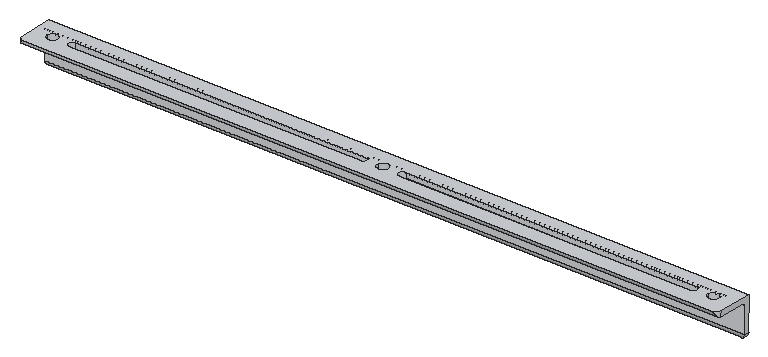
Revit family "RRSTD304", category Generic Models, Revit 2018
Family settings
  Can host rebar = No
  Round Connector Dimension = Use Diameter
  Part Type = Normal
  Work Plane-Based = Yes
  Always vertical = No
  Cut with Voids When Loaded = No
  Shared = Yes
  Room Calculation Point = No
Parameters (values of type "RRSTD30436")
  Ship Complete Level [instance] = ""
  Right Slot Offset = 19.000"
  Right Slot Length = 15.000"
  Required Date [instance] = ""
  Rack Width = 2.000"
  Rack Height = 2.000"
  Patent Information = "D608,183"
  Left Slot Length = 15.000"
  Rack Material = none
  Rack Length = 36.000"
  Job [instance] = ""
  Group/Run [instance] = ""
  Description = "Standard Angle Rack 304 36 Inch long"
  Custom [instance] = ""
  Ctrl Right Offset [instance] = if([1 Slot], 4.000", Right Slot Offset)  # 19.000"
  Default Elevation = 48.000"
  Ctrl Right Slot Length [instance] = if([1 Slot], 1.000", Right Slot Length)  # 15.000"
  Ctrl Left Slot Length [instance] = if([1 Slot], 1.000", Left Slot Length)  # 15.000"
  Catalog Number = "RRSTD30436"
  Assembly Name [instance] = ""
  Assembly ID [instance] = ""
  2 Slots = yes
  1 Slot = no
Types (6): name | Right Slot Offset | Right Slot Length | Patent Information | Left Slot Length | Rack Length | Description | Ctrl Right Offset | Ctrl Right Slot Length | Ctrl Left Slot Length | Catalog Number | 2 Slots | 1 Slot
  RRSTD30436 | 19.000" | 15.000" | "D608,183" | 15.000" | 36.000" | "Standard Angle Rack 304 36 Inch long" | 19.000" | 15.000" | 15.000" | "RRSTD30436" | yes | no
  RRSTD30448 | 25.000" | 21.000" | "D608,183" | 21.000" | 48.000" | "Standard Angle Rack 304 48 Inch long" | 25.000" | 21.000" | 21.000" | "RRSTD30448" | yes | no
  RRSTD30412 | 4.000" | 1.000" | "D599,194" | 8.000" | 12.000" | "Standard Angle Rack 304 12 Inch long" | 4.000" | 1.000" | 1.000" | "RRSTD30412" | no | yes
  RRSTD30418 | 4.000" | 1.000" | "D599,194" | 14.000" | 18.000" | "Standard Angle Rack 304 18 Inch long" | 4.000" | 1.000" | 1.000" | "RRSTD30418" | no | yes
  RRSTD30424 | 4.000" | 1.000" | "D599,194" | 20.000" | 24.000" | "Standard Angle Rack 304 24 Inch long" | 4.000" | 1.000" | 1.000" | "RRSTD30424" | no | yes
  RRSTD30430 | 4.000" | 1.000" | "D599,194" | 26.000" | 30.000" | "Standard Angle Rack 304 30 Inch long" | 4.000" | 1.000" | 1.000" | "RRSTD30430" | no | yes
Reference planes (in)
  plane 1 "Center (Front/Back)": y = 0
  plane 2: z = 0
  plane 3 "Center (Left/Right)": x = 0
  plane 4: y = 0
  plane 5 "Right": x = 18
  plane 6 "Left": x = -18
  plane 7 "Front": y = -1
  plane 8 "Bottom": z = -2
  plane 9 "Right Rod": x = 17
  plane 10 "Left Rod": x = -17
  plane 11 "Slot 1 Left": x = -16
  plane 12 "Slot 1 Right": x = -1
  plane 13 "Slot 2 Left": x = 1
  plane 14 "Slot 2 Right": x = 16
  plane 15 "Slot 1 Right2": x = -1
  plane 16 "Back": y = 1
Forms (in)
  Extrusion 1, solid, material <- "Rack Material", visible <- "2 Slots"
    sketch origin (0, 0, 0) x (0, 1, 0) y (0, 0, 1)
      loop
        line (1, -2) -> (1, 0) -> (-1, 0)
        arc (-1, 0) -> (-0.92678, -0.17678) -> (-0.75, -0.25) r 0.25
        line (-0.75, -0.25) -> (0.625, -0.25)
        arc (0.625, -0.25) -> (0.71339, -0.28661) -> (0.75, -0.375) r 0.125
        line (0.75, -0.375) -> (0.75, -1.75)
        arc (0.75, -1.75) -> (0.82322, -1.92678) -> (1, -2) r 0.25
    from -18 to 18
  Extrusion 2, void
    sketch origin (0, 0, 0) x (1, 0, 0) y (0, 1, 0)
      loop
        circle (-17, 0) r 0.2815
      loop
        circle (17, 0) r 0.2815
      loop
        circle (0, 0) r 0.2815
      loop
        line (-16, -0.193) -> (-1, -0.193)
        arc (-1, -0.193) -> (-0.807, 0) -> (-1, 0.193) r 0.193
        line (-1, 0.193) -> (-16, 0.193)
        arc (-16, 0.193) -> (-16.193, 0) -> (-16, -0.193) r 0.193
      loop
        line (1, -0.193) -> (16, -0.193)
        arc (16, -0.193) -> (16.193, 0) -> (16, 0.193) r 0.193
        line (16, 0.193) -> (1, 0.193)
        arc (1, 0.193) -> (0.807, 0) -> (1, -0.193) r 0.193
    from -0.5 to 0
  Extrusion 3, void
    sketch origin (0, 0, 0) x (1, 0, 0) y (0, 1, 0)
      loop
        arc (-17.75, -1) -> (-17.92678, -0.92678) -> (-18, -0.75) r 0.25
        line (-18, -0.75) -> (-18.125, -0.75) -> (-18.125, -1.125) -> (-17.75, -1.125) -> (-17.75, -1)
      loop
        line (17.75, -1) -> (17.75, -1.125) -> (18.125, -1.125) -> (18.125, -0.75) -> (18, -0.75)
        arc (18, -0.75) -> (17.92678, -0.92678) -> (17.75, -1) r 0.25
    from 0 to -0.5
  Extrusion 4, void
    sketch origin (0, 1, 0) x (1, 0, 0) y (0, 0, 1)
      loop
        line (-18, -1.75) -> (-18.125, -1.75) -> (-18.125, -2.125) -> (-17.75, -2.125) -> (-17.75, -2)
        arc (-17.75, -2) -> (-17.92678, -1.92678) -> (-18, -1.75) r 0.25
      loop
        arc (18, -1.75) -> (17.92678, -1.92678) -> (17.75, -2) r 0.25
        line (17.75, -2) -> (17.75, -2.125) -> (18.125, -2.125) -> (18.125, -1.75) -> (18, -1.75)
    from 0 to 0.5
  Extrusion 5, solid, material <- "Rack Material", visible <- "1 Slot"
    sketch origin (0, 0, 0) x (0, 1, 0) y (0, 0, 1)
      loop
        line (1, -2) -> (1, 0) -> (-1, 0)
        arc (-1, 0) -> (-0.92678, -0.17678) -> (-0.75, -0.25) r 0.25
        line (-0.75, -0.25) -> (0.625, -0.25)
        arc (0.625, -0.25) -> (0.71339, -0.28661) -> (0.75, -0.375) r 0.125
        line (0.75, -0.375) -> (0.75, -1.75)
        arc (0.75, -1.75) -> (0.82322, -1.92678) -> (1, -2) r 0.25
    from -18 to 18
  Extrusion 6, void
    sketch origin (0, 0, 0) x (1, 0, 0) y (0, 1, 0)
      loop
        circle (-17, 0) r 0.2815
      loop
        circle (17, 0) r 0.2815
      loop
        line (-16, -0.193) -> (-1, -0.193)
        arc (-1, -0.193) -> (-0.807, 0) -> (-1, 0.193) r 0.193
        line (-1, 0.193) -> (-16, 0.193)
        arc (-16, 0.193) -> (-16.193, 0) -> (-16, -0.193) r 0.193
    from -0.5 to 0
Cuts and joins
  Extrusion 2, Extrusion 3, Extrusion 4, Extrusion 6 cuts Extrusion 1
  Extrusion 3, Extrusion 4, Extrusion 6 cuts Extrusion 5
Dimensions and locks (in)
  "Rack Length": plane 6 "Left" to plane 5 "Right"
  equal spacing: plane 6 "Left", plane 3 "Center (Left/Right)", plane 5 "Right"
  "Rack Height": plane 2 to plane 8 "Bottom"
  locked: plane 10 "Left Rod" to plane 6 "Left" at 1
  locked: plane 11 "Slot 1 Left" to plane 6 "Left" at 2
  locked: plane 5 "Right" to plane 9 "Right Rod" at 1
  "Ctrl Right Offset": plane 13 "Slot 2 Left" to plane 6 "Left"
  "Ctrl Left Slot Length": plane 15 "Slot 1 Right2" to plane 11 "Slot 1 Left"
  "Ctrl Right Slot Length": plane 14 "Slot 2 Right" to plane 13 "Slot 2 Left"
  "Left Slot Length": plane 12 "Slot 1 Right" to plane 11 "Slot 1 Left"
  locked: plane 8 "Bottom" to Extrusion 1 sketch curve at 0.25
  locked: Extrusion 1 sketch curve to plane 7 "Front" at 0.25
  locked: level to Extrusion 1 sketch curve at 0.25
  locked: Extrusion 3 sketch curve to plane 6 "Left" at 0.125
  locked: Extrusion 3 sketch curve to plane 7 "Front" at 0.125  (x2)
  locked: plane 7 "Front" to Extrusion 3 sketch curve at 0.25  (x2)
  locked: plane 6 "Left" to Extrusion 3 sketch curve at 0.25
  locked: plane 5 "Right" to Extrusion 3 sketch curve at 0.125
  locked: Extrusion 3 sketch curve to plane 5 "Right" at 0.25
  locked: Extrusion 4 sketch curve to plane 8 "Bottom" at 0.25  (x2)
  locked: plane 8 "Bottom" to Extrusion 4 sketch curve at 0.125  (x2)
  locked: plane 6 "Left" to Extrusion 4 sketch curve at 0.125
  locked: Extrusion 4 sketch curve to plane 6 "Left" at 0.25
  locked: plane 5 "Right" to Extrusion 4 sketch curve at 0.25
  locked: Extrusion 4 sketch curve to plane 5 "Right" at 0.125
  locked: level to Extrusion 5 sketch curve at 0.25
  locked: plane 8 "Bottom" to Extrusion 5 sketch curve at 0.25
  locked: Extrusion 5 sketch curve to plane 7 "Front" at 0.25
  equal spacing: plane 7 "Front", plane 1 "Center (Front/Back)", plane 16 "Back"
  "Rack Width": plane 7 "Front" to plane 16 "Back"
  locked: plane 16 "Back" to Extrusion 5 sketch curve at 0.25
  locked: plane 16 "Back" to cut or joined group of Extrusion 3, Extrusion 4, Extrusion 5, Extrusion 6 at 0.25
  aligned and locked: level to plane 2
  aligned and locked: level to Extrusion 1 sketch curve
  aligned and locked: Extrusion 1 to plane 6 "Left"
  aligned and locked: plane 5 "Right" to Extrusion 1
  aligned and locked: plane 10 "Left Rod" to Extrusion 2 sketch curve
  aligned and locked: plane 9 "Right Rod" to Extrusion 2 sketch curve
  aligned and locked: plane 3 "Center (Left/Right)" to Extrusion 2 sketch curve
  aligned and locked: plane 11 "Slot 1 Left" to Extrusion 2 sketch curve
  aligned and locked: plane 15 "Slot 1 Right2" to Extrusion 2 sketch curve
  aligned and locked: plane 13 "Slot 2 Left" to Extrusion 2 sketch curve
  aligned and locked: plane 14 "Slot 2 Right" to Extrusion 2 sketch curve
  aligned and locked: Extrusion 5 to plane 6 "Left"
  aligned and locked: plane 5 "Right" to Extrusion 5
  aligned and locked: plane 12 "Slot 1 Right" to Extrusion 6 sketch curve
  aligned and locked: plane 9 "Right Rod" to Extrusion 6 sketch curve
  aligned and locked: plane 10 "Left Rod" to Extrusion 6 sketch curve
  aligned and locked: Extrusion 5 sketch curve to level
  aligned and locked: level to Extrusion 5 sketch curve
  aligned and locked: plane 11 "Slot 1 Left" to Extrusion 6 sketch curve
  aligned and locked: plane 16 "Back" to Extrusion 5 sketch curve  (x2)
  aligned and locked: plane 1 "Center (Front/Back)" to Extrusion 6 sketch curve  (x4)
  aligned and locked: plane 16 "Back" to Extrusion 1 sketch curve  (x2)
  aligned and locked: plane 1 "Center (Front/Back)" to Extrusion 2 sketch curve  (x2)
Automatic sketch dimensions
  Extrusion 1 sketch curve to Extrusion 1 sketch curve = 0.125"
  Extrusion 2 sketch curve to Extrusion 2 sketch curve = 0.193"  (x2)
  Extrusion 3 sketch curve to plane 6 "Left" = 0.000"
  Extrusion 3 sketch curve to plane 5 "Right" = 0.000"
  Extrusion 5 sketch curve to Extrusion 5 sketch curve = 0.125"
  Extrusion 6 sketch curve to Extrusion 6 sketch curve = 0.193"
  Extrusion 2 sketch curve to plane 7 "Front" = 0.807"  (x2)
  Extrusion 2 sketch curve to Extrusion 2 sketch curve = 0.000"
  plane 8 "Bottom" to Extrusion 1 sketch curve = 0.000"
  Extrusion 4 sketch curve to plane 6 "Left" = 0.000"
  Extrusion 4 sketch curve to plane 5 "Right" = 0.000"
  radius of Extrusion 2 sketch curve = 0.2815"  (x3)
  radius of Extrusion 6 sketch curve = 0.2815"  (x2)
